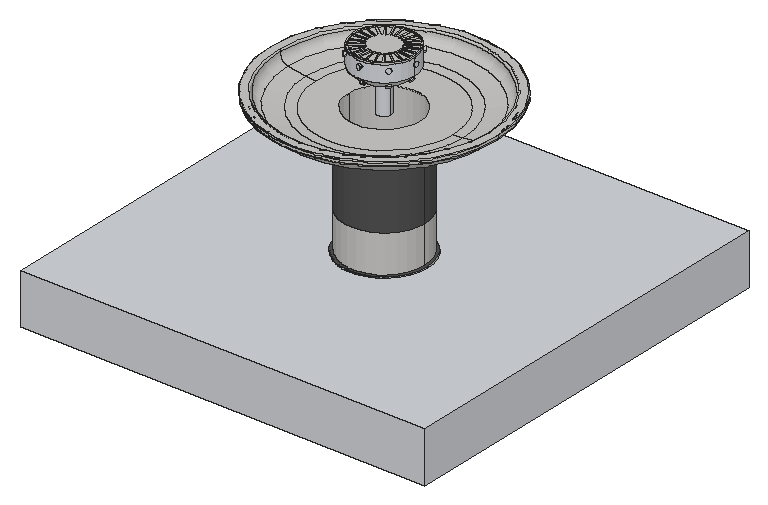
Revit family
Parameters (values of type "3508-ADA")
  Waste Connection = yes
  WFU = 0
  Vent Connection = no
  VP - Vinylclad Housing Color (Black, Gray, White) (Not Available with -ES Contoured Base Units.) = no
  URL = "http://www.acorneng.com/uploads/fileLibrary/3506ADA.pdf"
  Type Comments = ""
  Tempered Water Connection = no
  TT - Top Supply; Vent Thru-Fixture = no
  TS - Single-Fold Paper Towel Dispenser (Not ADA Compliant) = no
  TO - Top Supply; Vent Off Drain = no
  TM - C or Multi-Fold Paper Towel Dispenser (Not ADA Compliant.) = no
  ST - Single Temperature Valve = no
  SPX - 16 Gage Stainless Steel Housing = no
  SO-BAT- Sensor Operation (Batteries Not Included) = no
  SO - Sensor Operated (Standard) = no
  SC - Supply Cover, Ceiling Height_______ = no
  Revised Date = "26/06/2014"
  Phone# = "626-336-4561"
  PDM - Metering Liquid Soap Dispenser (Not Available with -BT, -PCB, -SC, -TM, -TO, -TS, or -TT) = yes
  PCB - Pipe Column Brace (Pipe By Others.) = no
  Model = "3508-ADA"
  Material = Stainless Steel
  Manufacturer = "Acorn "
  JH31 - 31" Junior Rim Height (Not ADA Compliant On - 2 On-Floor Units) = no
  HWFU = 0
  HW Connection = yes
  HB - Hose Bibb (L or R) (Not ADA Compliant) = no
  EG - Enviro-Glaze Color, Bowl and Sprayhead (Specify) = no
  Designed By = "ATS"
  Description = "Circular Models - 8 Stations "
  Default Elevation = 34"
  DV - Liquid/Lotion Soap Dispenser (Not ADA Compliant) = no
  DP - Metering Powder Soap Dispenser  (Not ADA Compliant) = no
  CWFU = 0
  CW Connection = yes
  CS - Compact Sprayhead - 9" Diameter x 4" High (Not Available with -DP or -DV) = no
  BT - Bottom Supply; Vent Thru-Fixture = no
  BO - Bottom Supply; Vent Off-Drain = no
  Assembly Code = "D2010610"
  3508-ADA - 54" Island Circular, Eight Station, ADA Compliant = yes
  3 - On-Floor, Floor Outlet = yes
Reference planes (in)
  plane 1 "Center (Front/Back)": y = 0
  plane 2: z = 0
  plane 3 "Center (Left/Right)": x = 0
  plane 4: z = 29.5
  plane 5: z = 44
  plane 6: z = 34
  plane 7: x = -27
  plane 8: x = 27
  plane 9: y = 27
  plane 10: y = -27
  plane 11: x = -10.25
  plane 12: x = 10.25
  plane 13: y = 10.25
  plane 14: y = -10.25
Forms (in)
  Extrusion 1, solid
    sketch origin (0, 0, 0) x (1, 0, 0) y (0, 1, 0)
      loop
        line (-48, 48) -> (-48, -48) -> (48, -48) -> (48, 48) -> (-48, 48)
    from 0 to -12
  Extrusion 2, solid, material "Stainless Steel" <- "Material"
    sketch origin (0, 0, 0) x (1, 0, 0) y (0, 1, 0)
      loop
        circle (0, 0) r 10.25
    from 0 to 0.27209
  Sweep 3, solid, material "Stainless Steel" <- "Material"
    path origin (0, 0, 0) x (1, 0, 0) y (0, 1, 0)
      loop
        circle (0, 0) r 27
    profile origin (0, 27, 0) x (0, -1, 0) y (0, 0, 1)
      loop
        arc (0, 33.21217) -> (0.02553, 33.15053) -> (0.08717, 33.125) r 0.08717
        line (0.08717, 33.125) -> (1.13928, 33.125)
        arc (1.13928, 33.125) -> (1.2934, 33.07184) -> (1.38198, 32.93498) r 0.25
        arc (1.38198, 32.93498) -> (2.47163, 31.1151) -> (4.39359, 30.21766) r 3.62137
        line (4.39359, 30.21766) -> (8.49921, 29.64065)
        arc (8.49921, 29.64065) -> (9.50246, 29.53521) -> (10.51062, 29.5) r 14.45258
        line (10.51062, 29.5) -> (17.36824, 29.5) -> (17.36824, 9.23669) -> (17.49324, 9.23669) -> (17.49324, 0.27209) -> (17.36824, 0.27209) -> (16.75, 0.27209) -> (16.75, 0) -> (26.8387, 0) -> (26.8387, 0.27209) -> (18.49324, 0.27209) -> (18.49324, 30.50128) -> (10.67892, 30.50128)
        arc (10.67892, 30.50128) -> (9.50287, 30.54235) -> (8.33255, 30.66535) r 16.85933
        line (8.33255, 30.66535) -> (4.11064, 31.2587)
        arc (4.11064, 31.2587) -> (2.7411, 32.03816) -> (2.27873, 33.5446) r 2.13601
        arc (2.27873, 33.5446) -> (2.16825, 33.86433) -> (1.85838, 34) r 0.4217
        line (1.85838, 34) -> (0.1242, 34)
        arc (0.1242, 34) -> (0.03638, 33.96362) -> (0, 33.8758) r 0.1242
        line (0, 33.8758) -> (0, 33.21217)
  Sweep 4, solid
    path origin (0, 0, 0) x (1, 0, 0) y (0, 1, 0)
      loop
        circle (0.00286, -0.00402) r 2.12007
    profile origin (0.00286, 2.11606, 0) x (0, -1, 0) y (0, 0, 1)
      loop
        line (0.5, 29.53538) -> (1.86606, 29.53538) -> (1.86606, 38.01187) -> (-4.63394, 40.25) -> (-4.63394, 43) -> (1.86606, 43) -> (1.86606, 43.625) -> (-5.13394, 43.625) -> (-5.13394, 39.75) -> (-3.54295, 38.15901) -> (0.08515, 38.15901)
        arc (0.08515, 38.15901) -> (0.37849, 38.0375) -> (0.5, 37.74416) r 0.41485
        line (0.5, 37.74416) -> (0.5, 29.53538)
  Extrusion 5, solid, material "Stainless Steel" <- "Material"
    sketch origin (0, 0, 0) x (1, 0, 0) y (0, 1, 0)
      loop
        circle (0, 0) r 7.25
    from 44 to 43.625
  Extrusion 6, void
    sketch origin (0.00315, 10.03077, 53.95644) x (0, -1, 0) y (1, 0, 0)
      loop
        arc (3.09874, 0) -> (3.10911, -0.37825) -> (3.1402, -0.75537) r 6.90126
        line (3.1402, -0.75537) -> (6.41052, -0.32482)
        arc (6.41052, -0.32482) -> (6.39591, 0.01899) -> (6.41415, 0.36264) r 3.60414
        line (6.41415, 0.36264) -> (3.14446, 0.7931)
        arc (3.14446, 0.7931) -> (3.11018, 0.39721) -> (3.09874, 0) r 6.90126
      loop
        line (16.85496, 0.79806) -> (13.58535, 0.3676)
        arc (13.58535, 0.3676) -> (13.60409, 0.01899) -> (13.58902, -0.32979) r 3.60414
        line (13.58902, -0.32979) -> (16.85925, -0.76033)
        arc (16.85925, -0.76033) -> (16.90123, 0.01898) -> (16.85496, 0.79806) r 6.90126
      loop
        line (13.55124, 0.61527) -> (16.82156, 1.04581)
        arc (16.82156, 1.04581) -> (16.66005, 1.80862) -> (16.41353, 2.54833) r 6.90126
        line (16.41353, 2.54833) -> (13.36678, 1.28633)
        arc (13.36678, 1.28633) -> (13.47524, 0.95526) -> (13.55124, 0.61527) r 3.60414
      loop
        line (13.26951, 1.51663) -> (16.31702, 2.77896)
        arc (16.31702, 2.77896) -> (15.96367, 3.47305) -> (15.53435, 4.1229) r 6.90126
        line (15.53435, 4.1229) -> (12.91807, 2.11536)
        arc (12.91807, 2.11536) -> (13.10824, 1.82448) -> (13.26951, 1.51663) r 3.60414
      loop
        line (12.7644, 2.31256) -> (15.38139, 4.32065)
        arc (15.38139, 4.32065) -> (14.86092, 4.89886) -> (14.27869, 5.41481) r 6.90126
        line (14.27869, 5.41481) -> (12.27115, 2.79853)
        arc (12.27115, 2.79853) -> (12.52947, 2.56742) -> (12.7644, 2.31256) r 3.60414
      loop
        line (12.07167, 2.94924) -> (14.07976, 5.56623)
        arc (14.07976, 5.56623) -> (13.42817, 5.98957) -> (12.73313, 6.33699) r 6.90126
        line (12.73313, 6.33699) -> (11.47112, 3.29023)
        arc (11.47112, 3.29023) -> (11.77958, 3.13415) -> (12.07167, 2.94924) r 3.60414
      loop
        line (11.23949, 3.3843) -> (12.50181, 6.43182)
        arc (12.50181, 6.43182) -> (11.76374, 6.67208) -> (11.00337, 6.82793) r 6.90126
        line (11.00337, 6.82793) -> (10.57291, 3.55832)
        arc (10.57291, 3.55832) -> (10.91037, 3.48727) -> (11.23949, 3.3843) r 3.60414
      loop
        line (10.32486, 3.58947) -> (10.7554, 6.85979)
        arc (10.7554, 6.85979) -> (9.98105, 6.90123) -> (9.20694, 6.85554) r 6.90126
        line (9.20694, 6.85554) -> (9.63741, 3.58586)
        arc (9.63741, 3.58586) -> (9.98104, 3.60409) -> (10.32486, 3.58947) r 3.60414
      loop
        line (9.38969, 3.55209) -> (8.95916, 6.82232)
        arc (8.95916, 6.82232) -> (8.20089, 6.66263) -> (7.46531, 6.41894) r 6.90126
        line (7.46531, 6.41894) -> (8.7274, 3.37199)
        arc (8.7274, 3.37199) -> (9.05425, 3.47784) -> (9.38969, 3.55209) r 3.60414
      loop
        line (8.4967, 3.27566) -> (7.23449, 6.32292)
        arc (7.23449, 6.32292) -> (6.54338, 5.97321) -> (5.89582, 5.54825) r 6.90126
        line (5.89582, 5.54825) -> (7.90357, 2.9317)
        arc (7.90357, 2.9317) -> (8.19194, 3.11781) -> (8.4967, 3.27566) r 3.60414
      loop
        line (7.70538, 2.77931) -> (5.69756, 5.39596)
        arc (5.69756, 5.39596) -> (5.12009, 4.87995) -> (4.60407, 4.30248) r 6.90126
        line (4.60407, 4.30248) -> (7.22072, 2.29466)
        arc (7.22072, 2.29466) -> (7.45151, 2.54853) -> (7.70538, 2.77931) r 3.60414
      loop
        line (7.06834, 2.09647) -> (4.45178, 4.10422)
        arc (4.45178, 4.10422) -> (4.02682, 3.45666) -> (3.6771, 2.76556) r 6.90126
        line (3.6771, 2.76556) -> (6.72436, 1.50334)
        arc (6.72436, 1.50334) -> (6.88221, 1.80811) -> (7.06834, 2.09647) r 3.60414
      loop
        line (6.62803, 1.27265) -> (3.58108, 2.53474)
        arc (3.58108, 2.53474) -> (3.33738, 1.79915) -> (3.17769, 1.04088) r 6.90126
        line (3.17769, 1.04088) -> (6.44791, 0.61035)
        arc (6.44791, 0.61035) -> (6.52217, 0.9458) -> (6.62803, 1.27265) r 3.60414
      loop
        line (6.44168, -0.57288) -> (3.17206, -1.00333)
        arc (3.17206, -1.00333) -> (3.32792, -1.76372) -> (3.56817, -2.50179) r 6.90126
        line (3.56817, -2.50179) -> (6.61569, -1.23947)
        arc (6.61569, -1.23947) -> (6.51272, -0.91034) -> (6.44168, -0.57288) r 3.60414
      loop
        line (6.70976, -1.4711) -> (3.66301, -2.73311)
        arc (3.66301, -2.73311) -> (4.01042, -3.42816) -> (4.43377, -4.07976) r 6.90126
        line (4.43377, -4.07976) -> (7.05076, -2.07167)
        arc (7.05076, -2.07167) -> (6.86584, -1.77957) -> (6.70976, -1.4711) r 3.60414
      loop
        line (7.20147, -2.27114) -> (4.58518, -4.27869)
        arc (4.58518, -4.27869) -> (5.10114, -4.86092) -> (5.67935, -5.38139) r 6.90126
        line (5.67935, -5.38139) -> (7.68744, -2.7644)
        arc (7.68744, -2.7644) -> (7.43258, -2.52947) -> (7.20147, -2.27114) r 3.60414
      loop
        line (7.88465, -2.91807) -> (5.8771, -5.53436)
        arc (5.8771, -5.53436) -> (6.52696, -5.96367) -> (7.22106, -6.31703) r 6.90126
        line (7.22106, -6.31703) -> (8.48339, -3.26951)
        arc (8.48339, -3.26951) -> (8.17554, -3.10824) -> (7.88465, -2.91807) r 3.60414
      loop
        line (8.71369, -3.36679) -> (7.45169, -6.41354)
        arc (7.45169, -6.41354) -> (8.19141, -6.66006) -> (8.95422, -6.82156) r 6.90126
        line (8.95422, -6.82156) -> (9.38476, -3.55124)
        arc (9.38476, -3.55124) -> (9.04477, -3.47525) -> (8.71369, -3.36679) r 3.60414
      loop
        line (9.63243, -3.58535) -> (9.20198, -6.85496)
        arc (9.20198, -6.85496) -> (9.98105, -6.90123) -> (10.76037, -6.85924) r 6.90126
        line (10.76037, -6.85924) -> (10.32984, -3.58902)
        arc (10.32984, -3.58902) -> (9.98105, -3.60409) -> (9.63243, -3.58535) r 3.60414
      loop
        line (10.57785, -3.55752) -> (11.00831, -6.8272)
        arc (11.00831, -6.8272) -> (11.77324, -6.66956) -> (12.51547, -6.42649) r 6.90126
        line (12.51547, -6.42649) -> (11.25325, -3.37923)
        arc (11.25325, -3.37923) -> (10.91988, -3.48478) -> (10.57785, -3.55752) r 3.60414
      loop
        line (11.48449, -3.28422) -> (12.74658, -6.33117)
        arc (12.74658, -6.33117) -> (13.44464, -5.98012) -> (14.09854, -5.55242) r 6.90126
        line (14.09854, -5.55242) -> (12.09072, -2.93577)
        arc (12.09072, -2.93577) -> (11.79608, -3.12473) -> (11.48449, -3.28422) r 3.60414
      loop
        line (12.28921, -2.78377) -> (14.29696, -5.40033)
        arc (14.29696, -5.40033) -> (14.87995, -4.87991) -> (15.40036, -4.29692) r 6.90126
        line (15.40036, -4.29692) -> (12.78381, -2.28916)
        arc (12.78381, -2.28916) -> (12.54853, -2.54849) -> (12.28921, -2.78377) r 3.60414
      loop
        line (12.9358, -2.09068) -> (15.55245, -4.0985)
        arc (15.55245, -4.0985) -> (15.98015, -3.44459) -> (16.33119, -2.74653) r 6.90126
        line (16.33119, -2.74653) -> (13.28424, -1.48445)
        arc (13.28424, -1.48445) -> (13.12476, -1.79603) -> (12.9358, -2.09068) r 3.60414
      loop
        line (13.37925, -1.2532) -> (16.42651, -2.51542)
        arc (16.42651, -2.51542) -> (16.66957, -1.7732) -> (16.82721, -1.00827) r 6.90126
        line (16.82721, -1.00827) -> (13.55753, -0.57781)
        arc (13.55753, -0.57781) -> (13.48479, -0.91983) -> (13.37925, -1.2532) r 3.60414
    from -9.85296 to -10.08144
  Extrusion 7, solid
    sketch origin (0.03324, -0.05457, 0) x (0.99999, -0.004359, 0) y (0, 0, -1)
      loop
        circle (0, -42.4505) r 0.5
    from -7.62562 to -7.02947
  Extrusion 8, solid
    sketch origin (0, 0, 0) x (1, 0, 0) y (0, 1, 0)
      loop
        circle (0, 0) r 1
    from -0.16562 to 0.58185
  Extrusion 9, solid
    sketch origin (0, 0, 0) x (1, 0, 0) y (0, 1, 0)
      loop
        circle (-1.61719, 0) r 0.25
      loop
        circle (1.61719, 0) r 0.25
    from -0.16562 to 0.58185
  Extrusion 10, solid
    sketch origin (0.11224, 28.85152, 13.85437) x (-0.99999, 0.004359, 0) y (0.003082, 0.7071, -0.707107)
      loop
        circle (0, -42.4505) r 0.5
    from 6.98268 to 7.64285
  Extrusion 11, solid
    sketch origin (0.03324, 0.05457, 0) x (0.99999, 0.004359, 0) y (0, 0, 1)
      loop
        circle (0, 42.4505) r 0.5
    from -7.62562 to -7.02947
  Extrusion 12, solid
    sketch origin (0.11224, -28.85152, 13.85437) x (-0.99999, -0.004359, 0) y (-0.003082, 0.7071, 0.707107)
      loop
        circle (0, 42.4505) r 0.5
    from 6.98268 to 7.64285
  Extrusion 13, solid
    sketch origin (0.07608, 0.02087, 0) x (0.710182, -0.704018, 0) y (0, 0, 1)
      loop
        circle (0, 42.4505) r 0.5
    from -7.62562 to -7.02947
  Extrusion 14, solid
    sketch origin (-20.30775, -20.47468, 13.85437) x (-0.710182, 0.704018, 0) y (0.497816, 0.502175, 0.707107)
      loop
        circle (0, 42.4505) r 0.5
    from 6.98268 to 7.64285
  Extrusion 15, solid
    sketch origin (-0.00109, -0.05629, 0) x (0.704018, -0.710182, 0) y (0, 0, -1)
      loop
        circle (0, -42.4505) r 0.5
    from -7.62562 to -7.02947
  Extrusion 16, solid
    sketch origin (20.49446, 20.32754, 13.85437) x (-0.704018, 0.710182, 0) y (0.502175, 0.497816, -0.707107)
      loop
        circle (0, -42.4505) r 0.5
    from 6.98268 to 7.64285
  Extrusion 17, solid
    sketch origin (-0.07608, 0.02087, 0) x (-0.710182, -0.704018, 0) y (0, 0, -1)
      loop
        circle (0, -42.4505) r 0.5
    from -7.62562 to -7.02947
  Extrusion 18, solid
    sketch origin (20.30775, -20.47468, 13.85437) x (0.710182, 0.704018, 0) y (0.497816, -0.502175, -0.707107)
      loop
        circle (0, -42.4505) r 0.5
    from 6.98268 to 7.64285
  Extrusion 19, solid
    sketch origin (0.00109, -0.05629, 0) x (-0.704018, -0.710182, 0) y (0, 0, 1)
      loop
        circle (0, 42.4505) r 0.5
    from -7.62562 to -7.02947
  Extrusion 20, solid
    sketch origin (-20.49446, 20.32754, 13.85437) x (0.704018, 0.710182, 0) y (0.502175, -0.497816, 0.707107)
      loop
        circle (0, 42.4505) r 0.5
    from 6.98268 to 7.64285
  Extrusion 21, solid
    sketch origin (0.05457, -0.03324, 0) x (0.004359, -0.99999, 0) y (0, 0, 1)
      loop
        circle (0, 42.4505) r 0.5
    from -7.62562 to -7.02947
  Extrusion 22, solid
    sketch origin (-28.85152, -0.11224, 13.85437) x (-0.004359, 0.99999, 0) y (0.7071, 0.003082, 0.707107)
      loop
        circle (0, 42.4505) r 0.5
    from 6.98268 to 7.64285
  Extrusion 23, solid
    sketch origin (-0.05457, -0.03324, 0) x (-0.004359, -0.99999, 0) y (0, 0, -1)
      loop
        circle (0, -42.4505) r 0.5
    from -7.62562 to -7.02947
  Extrusion 24, solid
    sketch origin (28.85152, -0.11224, 13.85437) x (0.004359, 0.99999, 0) y (0.7071, -0.003082, -0.707107)
      loop
        circle (0, -42.4505) r 0.5
    from 6.98268 to 7.64285
Cuts and joins
  Extrusion 6 cuts Extrusion 5
Dimensions and locks (in)
  plane 4 to plane 2 = 29 1/2"
  plane 5 to plane 2 = 44"
  plane 6 to plane 2 = 34"
  plane 7 to plane 8 = 54"  (x2)
  plane 10 to plane 9 = 54"
  plane 5 to Extrusion 1 = 44"
  plane 6 to Extrusion 1 = 34"
  plane 4 to Extrusion 1 = 29 1/2"
  aligned and locked: plane 2 to Extrusion 1
  aligned and locked: level to Extrusion 1
Connectors (in)
  piping at (0, 0, -0.16562)
    settings: on Extrusion 8, index 1
  piping at (1.61719, 0, -0.16562)
    settings: on Extrusion 9, index 2
  piping at (-1.61719, 0, -0.16562)
    settings: on Extrusion 9, index 3
